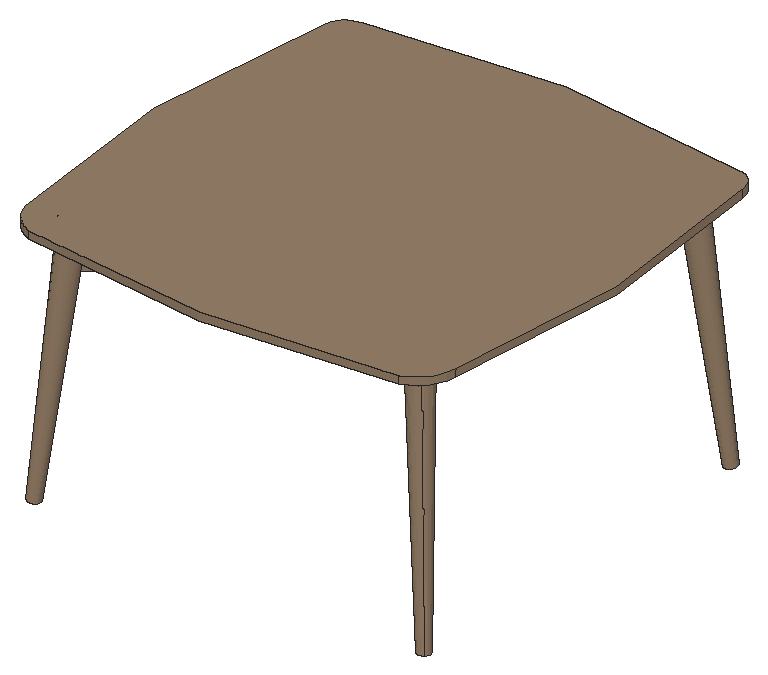
Revit family "Papa", category Мебель, Revit 2017
Family settings
  Номер OmniClass = 23.40.20.00
  Заголовок OmniClass = General Furniture and Specialties
  На основе рабочей плоскости = Нет
  Всегда вертикально = Да
  При загрузке вырезать с полостями = Нет
  Общий = Нет
  Точка расчета площади = Нет
Parameters (values of type "LB-676")
  URL = "http://file-system.ru/catalog/zdaniya_i_sooruzheniya/interer/mebel/_papa_lb_676_skandiform_stol/"
  Комментарии к типоразмеру = "Created by Astacus AB"
  Type = LB-676 : LB-676
  Группа модели = "LB-676"
  Material = Skandiform Wood Oak Veneer
  Изготовитель = "Skandiform AB"
  Ключевая пометка = "XBE.1"
  Описание = "Table in ash or oak veneer, turned legs"
Types (3, lengths in mm): name | URL | Type | Группа модели
  (no name) | "http://file-system.ru/catalog/zdaniya_i_sooruzheniya/interer/mebel/_papa_lb_676_skandiform_stol/" | LB-676 : LB-676 | "LB-676"
  LB-675 | "http://www.biminfo.se/?productid=333200" | LB-675 : LB-675 | "LB-675"
  LB-676 | "http://file-system.ru/catalog/zdaniya_i_sooruzheniya/interer/mebel/_papa_lb_676_skandiform_stol/" | LB-676 : LB-676 | "LB-676"
Reference planes
  plane 1 "Center (Front/Back)": y = 0
  plane 2: z = 0
  plane 3 "Center (Left/Right)": x = 0
Dimensions and locks
  aligned and locked: level to plane 2
Nested families
  nested 1: "LB-676" at (0, 0, 0), type <- "Type", type "LB-676"
Definition of nested family "LB-676"
  Parameters
    Model = ""
    Material = none
    Manufacturer = "Skandiform"
    Assembly Code = ""
  Reference planes
    plane 1 "Center (Front/Back)": y = 0
    plane 2: z = 0
    plane 3 "Center (Left/Right)": x = 0
  Forms (mm)
    Extrusion 1, solid, material <- "Material"
      sketch origin (-8.125, 1.25, 0) x (1, 0, 0) y (0, 1, 0)
        loop
          arc (-327.558, -289.472) -> (-312.854, -318.55) -> (-285.473, -336.213) r 62.237
          arc (-285.473, -336.213) -> (8.432, -366.273) -> (302.337, -336.213) r 1451.8
          arc (302.337, -336.213) -> (333.588, -314.522) -> (346.995, -278.922) r 63.964
          arc (346.995, -278.922) -> (373.041, 8.627) -> (341.974, 295.676) r 1459.538
          arc (341.974, 295.676) -> (331.21, 321.663) -> (305.224, 332.427) r 36.751
          arc (305.224, 332.427) -> (7.924, 363.674) -> (-289.376, 332.433) r 1430.112
          arc (-289.376, 332.433) -> (-314.904, 321.859) -> (-325.478, 296.331) r 36.102
          arc (-325.478, 296.331) -> (-356.923, 3.538) -> (-327.558, -289.472) r 1426.013
      from 405.885 to 417.846
    Blend 2, solid, material <- "Material"
      base sketch origin (310.924, -4.5, -10.374) x (-0.701836, 0.701836, -0.121869) y (-0.707107, -0.707107, 0)
        loop
          circle (-212.651, 212.651) r 10
      top sketch origin (310.924, -4.5, -10.374) x (-0.701836, 0.701836, -0.121869) y (-0.707107, -0.707107, 0)
        loop
          circle (-212.651, 212.651) r 20
      from 0 to 398.639
    Extrusion 3, solid, material <- "Material"
      sketch origin (-247.819, -273.233, 0) x (0.707107, -0.707107, 0) y (0.707107, 0.707107, 0)
        loop
          line (-425.521, 360.667) -> (364.065, 360.667) -> (364.065, 375.667) -> (-425.521, 375.667) -> (-425.521, 360.667)
      from 340.692 to 405.885
    Extrusion 4, solid, not visible
      sketch origin (0, 0, 0) x (1, 0, 0) y (0, 1, 0)
        loop
          arc (-327.558, -289.472) -> (-312.854, -318.55) -> (-285.473, -336.213) r 62.237
          arc (-285.473, -336.213) -> (8.432, -366.273) -> (302.337, -336.213) r 1451.8
          arc (302.337, -336.213) -> (333.588, -314.522) -> (346.995, -278.922) r 63.964
          arc (346.995, -278.922) -> (373.041, 8.627) -> (341.974, 295.676) r 1459.538
          arc (341.974, 295.676) -> (331.21, 321.663) -> (305.224, 332.427) r 36.751
          arc (305.224, 332.427) -> (7.924, 363.674) -> (-289.376, 332.433) r 1430.112
          arc (-289.376, 332.433) -> (-314.904, 321.859) -> (-325.478, 296.331) r 36.102
          arc (-325.478, 296.331) -> (-356.923, 3.538) -> (-327.558, -289.472) r 1426.013
      from 405.885 to 417.846
    Extrusion 5, solid, material <- "Material"
      sketch origin (275.679, -239.893, 0) x (0.707107, 0.707107, 0) y (-0.707107, 0.707107, 0)
        loop
          line (-425.521, 360.667) -> (364.065, 360.667) -> (364.065, 375.667) -> (-425.521, 375.667) -> (-425.521, 360.667)
      from 340.692 to 405.885
    Blend 6, solid, material <- "Material"
      base sketch origin (-310.924, -4.5, -10.374) x (0.701836, 0.701836, -0.121869) y (-0.707107, 0.707107, 0)
        loop
          circle (-212.651, -212.651) r 10
      top sketch origin (-310.924, -4.5, -10.374) x (0.701836, 0.701836, -0.121869) y (-0.707107, 0.707107, 0)
        loop
          circle (-212.651, -212.651) r 20
      from 0 to 402.271
    Blend 7, solid, material <- "Material"
      base sketch origin (310.924, 4.5, -10.374) x (-0.701836, -0.701836, -0.121869) y (0.707107, -0.707107, 0)
        loop
          circle (-212.651, -212.651) r 10
      top sketch origin (310.924, 4.5, -10.374) x (-0.701836, -0.701836, -0.121869) y (0.707107, -0.707107, 0)
        loop
          circle (-212.651, -212.651) r 20
      from 0 to 397.901
    Blend 8, solid, material <- "Material"
      base sketch origin (-310.924, 4.5, -10.374) x (0.701836, -0.701836, -0.121869) y (0.707107, 0.707107, 0)
        loop
          circle (-212.651, 212.651) r 10
      top sketch origin (-310.924, 4.5, -10.374) x (0.701836, -0.701836, -0.121869) y (0.707107, 0.707107, 0)
        loop
          circle (-212.651, 212.651) r 20
      from 0 to 401.016
    Extrusion 9, solid, not visible
      sketch origin (-8.125, 1.25, 0) x (1, 0, 0) y (0, 1, 0)
        loop
          arc (-327.558, -289.472) -> (-312.854, -318.55) -> (-285.473, -336.213) r 62.237
          arc (-285.473, -336.213) -> (8.432, -366.273) -> (302.337, -336.213) r 1451.8
          arc (302.337, -336.213) -> (333.588, -314.522) -> (346.995, -278.922) r 63.964
          arc (346.995, -278.922) -> (373.041, 8.627) -> (341.974, 295.676) r 1459.538
          arc (341.974, 295.676) -> (331.21, 321.663) -> (305.224, 332.427) r 36.751
          arc (305.224, 332.427) -> (7.924, 363.674) -> (-289.376, 332.433) r 1430.112
          arc (-289.376, 332.433) -> (-314.904, 321.859) -> (-325.478, 296.331) r 36.102
          arc (-325.478, 296.331) -> (-356.923, 3.538) -> (-327.558, -289.472) r 1426.013
      from 405.885 to 417.846
    Blend 10, solid, not visible
      base sketch origin (310.924, -4.5, -10.374) x (-0.701836, 0.701836, -0.121869) y (-0.707107, -0.707107, 0)
        loop
          circle (-212.651, 212.651) r 10
      top sketch origin (310.924, -4.5, -10.374) x (-0.701836, 0.701836, -0.121869) y (-0.707107, -0.707107, 0)
        loop
          circle (-212.651, 212.651) r 20
      from 0 to 405.885
    Extrusion 11, solid, not visible
      sketch origin (-247.819, -273.233, 0) x (0.707107, -0.707107, 0) y (0.707107, 0.707107, 0)
        loop
          line (-425.521, 360.667) -> (364.065, 360.667) -> (364.065, 375.667) -> (-425.521, 375.667) -> (-425.521, 360.667)
      from 340.692 to 405.885
    Extrusion 12, solid, not visible
      sketch origin (275.679, -239.893, 0) x (0.707107, 0.707107, 0) y (-0.707107, 0.707107, 0)
        loop
          line (-425.521, 360.667) -> (364.065, 360.667) -> (364.065, 375.667) -> (-425.521, 375.667) -> (-425.521, 360.667)
      from 340.692 to 405.885
    Blend 13, solid, not visible
      base sketch origin (-310.924, -4.5, -10.374) x (0.701836, 0.701836, -0.121869) y (-0.707107, 0.707107, 0)
        loop
          circle (-212.651, -212.651) r 10
      top sketch origin (-310.924, -4.5, -10.374) x (0.701836, 0.701836, -0.121869) y (-0.707107, 0.707107, 0)
        loop
          circle (-212.651, -212.651) r 20
      from 0 to 405.885
    Blend 14, solid, not visible
      base sketch origin (310.924, 4.5, -10.374) x (-0.701836, -0.701836, -0.121869) y (0.707107, -0.707107, 0)
        loop
          circle (-212.651, -212.651) r 10
      top sketch origin (310.924, 4.5, -10.374) x (-0.701836, -0.701836, -0.121869) y (0.707107, -0.707107, 0)
        loop
          circle (-212.651, -212.651) r 20
      from 0 to 405.885
    Blend 15, solid, not visible
      base sketch origin (-310.924, 4.5, -10.374) x (0.701836, -0.701836, -0.121869) y (0.707107, 0.707107, 0)
        loop
          circle (-212.651, 212.651) r 10
      top sketch origin (-310.924, 4.5, -10.374) x (0.701836, -0.701836, -0.121869) y (0.707107, 0.707107, 0)
        loop
          circle (-212.651, 212.651) r 20
      from 0 to 405.885
  Lines and regions (mm)
    Masking region 1
      outline origin (0, 0, 0) x (1, 0, 0) y (0, 1, 0)
        loop
          arc (-333.603, 297.581) -> (-365.048, 4.788) -> (-335.683, -288.222) r 1426.013
          arc (-335.683, -288.222) -> (-320.979, -317.3) -> (-293.598, -334.963) r 62.237
          arc (-293.598, -334.963) -> (0.307, -365.023) -> (294.212, -334.963) r 1451.8
          arc (294.212, -334.963) -> (325.463, -313.272) -> (338.87, -277.672) r 63.964
          arc (338.87, -277.672) -> (364.916, 9.877) -> (333.849, 296.926) r 1459.538
          arc (333.849, 296.926) -> (323.085, 322.913) -> (297.099, 333.677) r 36.751
          arc (297.099, 333.677) -> (-0.201, 364.924) -> (-297.501, 333.683) r 1430.112
          arc (-297.501, 333.683) -> (-323.029, 323.109) -> (-333.603, 297.581) r 36.102
  Dimensions and locks
    aligned and locked: level to plane 2
